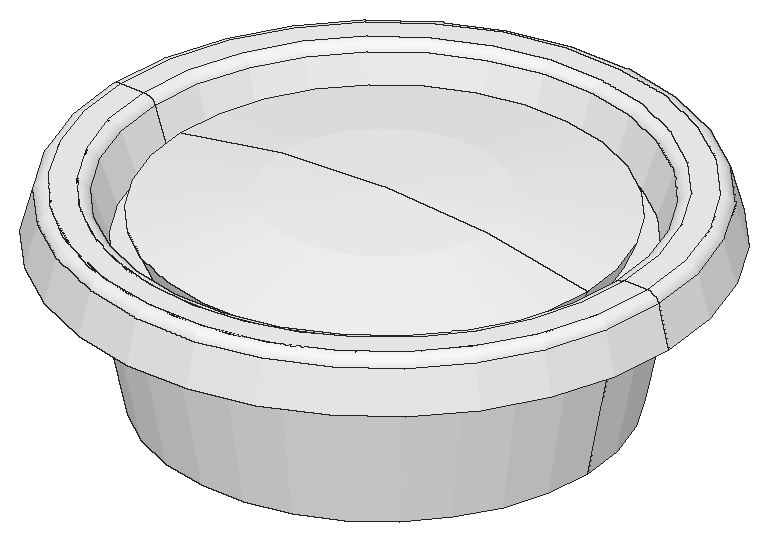
Revit family "CADS_AIRFLOWdev_Airvalve_PlasticAdjustable_Extract", category Air Terminals, host Face, Revit 2015
Parameters (values of type "200mm")
  WeeklyMaintenance = "N/A"
  WarrantyStartDate [instance] = "1900-12-31T23:59:191"
  WarrantyPeriod = "0"
  WarrantyIdentifier = "N/A"
  WarrantyGuarantorParts = "info@airflow.com"
  WarrantyGuarantorLabor = "info@airflow.com"
  WarrantyGuarantor = "Airflow Developments Ltd"
  WarrantyEndDate [instance] = "1900-12-31T23:59:191"
  WarrantyContent = "N/A"
  Uniclass2015 = "Pr_65_70_46_07"
  TemperatureRange = "up to 40°C"
  TagNumber [instance] = "N/A"
  SustainabilityPerformance = "N/A"
  Status = "New"
  Size = "80 x 245 x 245"
  ShippingWeight = 0.30 kg
  Shape = "Round"
  ServiceLifeType = "EXPECTEDSERVICELIFE"
  ServiceLifeDuration = "10"
  SerialNumber [instance] = "N/A"
  SAPApproval = yes
  RunID = "0"  # constant formula
  ReplacementCost = "29.448"
  RedDotDesignAward = no
  QuarterlyMaintenance = "N/A"
  Quantity = 1
  ProductionYear = "2017"
  ProductLiterature = "https://www.airflow.com/pdf/Accessories.pdf#page=13"
  PointOfContact = "Airflow Developments Ltd"
  PassiveHouseApproval = no
  NominalWidth = 245 mm
  NominalLength = 245 mm
  NominalHeight = 80 mm
  NBSCode = "90-75-50/370 Air terminals;"
  MonthlyMaintenance = "N/A"
  ModelReference [instance] = "9020154"
  ModelLabel [instance] = "Plastic Adjustable Air Valve Supply 200mm Dia"
  Material = "Plastic"
  ManufacturerWebsite = "www.airflow.com"
  ManufacturerTelephone = "01494 525252"
  ManufacturerE-Mail = "info@airflow.com"
  ManufacturerAddress = "Aidelle House\nLancaster Road\nCressex Business Park\nHigh Wycombe\nBucks\nHP123QP"
  Manufacturer = "Airflow Developments Ltd"
  MaintenanceRequired8001to12000hrs = "N/A"
  MaintenanceRequired601to1000hrs = "N/A"
  MaintenanceRequired4001to8000hrs = "N/A"
  MaintenanceRequired301to600hrs = "N/A"
  MaintenanceRequired2001to4000hrs = "N/A"
  MaintenanceRequired1001to2000hrs = "N/A"
  MaintenanceRequired0to300hrs = "N/A"
  IsExtendedWarranty = no
  InstallationDate [instance] = "1900-12-31T23:59:191"
  ISO90001 = yes
  ISO140001 = yes
  GrossWeight = 0.25 kg
  Grade = "Virgin"
  GlobalTradeItemNumber [instance] = "5019009314778"
  Flow [instance] = 0.0 L/s
  Fitting Type = "Ignore"
  FireControlPanelLinks = no
  Finish = "Lacquer"
  Features = "Plastic Adjustable Air Valve Supply 200mm Dia"
  ExpectedServiceLife = 10
  Exclusions = "N/A"
  DurationUnit = "Year"
  DuctDiameter = 200 mm
  Default Elevation = 1219.2 mm
  DailyMaintenance = "N/A"
  Constituents = "Plastic Adjustable Air Valve Supply 200mm Dia"
  Color = "White"
  CodePerformance = "N/A"
  CEApproval = yes
  CADS_Index = 0
  BespokeTimeFrameMaintenance = "N/A"
  B1 = 20 mm
  B = if(DuctDiameter = 100 mm, 60 mm, if(DuctDiameter = 125 mm, 65 mm, if(DuctDiameter = 150 mm, 55 mm, 80 mm)))  # 80 mm
  AssetType = "FIXED"
  AssetIdentifier [instance] = "N/A"
  AssemblyPlace = "UNKNOWN"
  ArticleNumber [instance] = "N/A"
  AnnualMaintenance = "N/A"
  AccessibilityPerformance = "N/A"
  A1 = DuctDiameter - 25 mm  # 175 mm
  A = if(DuctDiameter = 100 mm, 140 mm, if(DuctDiameter = 125 mm, 165 mm, if(DuctDiameter = 150 mm, 185 mm, 245 mm)))  # 245 mm
  6MonthlyMaintenance = "Visually inspect system, clean the fan and ducting if necessary"
Types (5, lengths in mm): name | WarrantyStartDate | WarrantyEndDate | Size | ShippingWeight | ReplacementCost | RedDotDesignAward | PassiveHouseApproval | NominalWidth | NominalLength | NominalHeight | ModelReference | ModelLabel | IsExtendedWarranty | InstallationDate | GrossWeight | GlobalTradeItemNumber | FireControlPanelLinks | Features | DuctDiameter | Constituents | B | A1 | A
  (no name) | "" | "" | "" | 0.00 kg | "" | yes | yes | 0 | 0 | 0 | "" | "" | yes | "" | 0.00 kg | "" | yes | "" | 125 | "" | 65 | 100 | 165
  100mm | "1900-12-31T23:59:188" | "1900-12-31T23:59:188" | "60 x 140 x 140" | 0.24 kg | "17.544" | no | no | 140 | 140 | 60 | "9020152" | "Plastic Adjustable Air Valve Supply 100mm Dia" | no | "1900-12-31T23:59:188" | 0.20 kg | "5019009314754" | no | "Plastic Adjustable Air Valve Supply 100mm Dia" | 100 | "Plastic Adjustable Air Valve Supply 100mm Dia" | 60 | 75 | 140
  125mm | "1900-12-31T23:59:189" | "1900-12-31T23:59:189" | "65 x 165 x 165" | 0.264 kg | "19.14" | no | no | 165 | 165 | 65 | "90000340" | "Plastic Adjustable Air Valve Supply 125mm Dia" | no | "1900-12-31T23:59:189" | 0.22 kg | "5019009312972" | no | "Plastic Adjustable Air Valve Supply 125mm Dia" | 125 | "Plastic Adjustable Air Valve Supply 125mm Dia" | 65 | 100 | 165
  150mm | "1900-12-31T23:59:190" | "1900-12-31T23:59:190" | "55 x 185 x 185" | 0.30 kg | "27.564" | no | no | 185 | 185 | 55 | "9020153" | "Plastic Adjustable Air Valve Supply 150mm Dia" | no | "1900-12-31T23:59:190" | 0.25 kg | "5019009314761" | no | "Plastic Adjustable Air Valve Supply 150mm Dia" | 150 | "Plastic Adjustable Air Valve Supply 150mm Dia" | 55 | 125 | 185
  200mm | "1900-12-31T23:59:191" | "1900-12-31T23:59:191" | "80 x 245 x 245" | 0.30 kg | "29.448" | no | no | 245 | 245 | 80 | "9020154" | "Plastic Adjustable Air Valve Supply 200mm Dia" | no | "1900-12-31T23:59:191" | 0.25 kg | "5019009314778" | no | "Plastic Adjustable Air Valve Supply 200mm Dia" | 200 | "Plastic Adjustable Air Valve Supply 200mm Dia" | 80 | 175 | 245
Values of the unnamed type that differ from the named types
  WeeklyMaintenance = ""
  WarrantyPeriod = ""
  WarrantyIdentifier = ""
  WarrantyGuarantorParts = ""
  WarrantyGuarantorLabor = ""
  WarrantyGuarantor = ""
  WarrantyContent = ""
  Uniclass2015 = ""
  TemperatureRange = ""
  TagNumber = ""
  SustainabilityPerformance = ""
  Status = ""
  Shape = ""
  ServiceLifeType = ""
  ServiceLifeDuration = ""
  SerialNumber = ""
  QuarterlyMaintenance = ""
  Quantity = 0
  ProductionYear = ""
  ProductLiterature = ""
  PointOfContact = ""
  NBSCode = ""
  MonthlyMaintenance = ""
  Material = ""
  ManufacturerWebsite = ""
  ManufacturerTelephone = ""
  ManufacturerE-Mail = ""
  ManufacturerAddress = ""
  MaintenanceRequired8001to12000hrs = ""
  MaintenanceRequired601to1000hrs = ""
  MaintenanceRequired4001to8000hrs = ""
  MaintenanceRequired301to600hrs = ""
  MaintenanceRequired2001to4000hrs = ""
  MaintenanceRequired1001to2000hrs = ""
  MaintenanceRequired0to300hrs = ""
  Grade = ""
  Fitting Type = ""
  Finish = ""
  ExpectedServiceLife = 0
  Exclusions = ""
  DurationUnit = ""
  DailyMaintenance = ""
  Color = ""
  CodePerformance = ""
  BespokeTimeFrameMaintenance = ""
  AssetType = ""
  AssetIdentifier = ""
  AssemblyPlace = ""
  ArticleNumber = ""
  AnnualMaintenance = ""
  AccessibilityPerformance = ""
  6MonthlyMaintenance = ""
Reference planes
  plane 1 "Center (Front/Back)": y = 0
  plane 2: z = 0
  plane 3 "Center (Left/Right)": x = 0
  plane 4: x = -122.5
  plane 5: x = 122.5
  plane 6: z = 20
  plane 7: x = -87.5
  plane 8: x = 87.5
  plane 9: z = -60
  plane 10: x = -100
  plane 11: x = 100
Forms (mm)
  Extrusion 1, void
    sketch origin (0, 0, 0) x (1, 0, 0) y (0, 1, 0)
      loop
        circle (0, 0) r 100
    from 0 to -100
  Revolve 2, solid, material "CADS_AirFlow_White"
    sketch origin (0, 0, 0) x (1, 0, 0) y (0, 0, 1)
      loop
        line (-122.5, 0) -> (-100, 0) -> (-87.5, -60) -> (0, -60) -> (0, 20)
        arc (0, 20) -> (-44.021, 17.555) -> (-87.5, 10.25) r 397.518
        line (-87.5, 10.25) -> (-82.856, 0) -> (-92.856, 0) -> (-98.815, 16.682)
        arc (-98.815, 16.682) -> (-100.643, 19.087) -> (-103.523, 20) r 5
        line (-103.523, 20) -> (-113.304, 20)
        arc (-113.304, 20) -> (-116.348, 18.967) -> (-118.134, 16.294) r 5
        line (-118.134, 16.294) -> (-122.5, 0)
      axis (0, 20) -> (0, -60)
    angle from 0 to 360
Dimensions and locks
  equal spacing: plane 8, plane 3 "Center (Left/Right)", plane 7
  equal spacing: plane 5, plane 3 "Center (Left/Right)", plane 4
  "A": plane 5 to plane 4
  "A1": plane 8 to plane 7
  "B1": plane 6 to plane 2
  "B": plane 6 to plane 9
  equal spacing: plane 11, plane 3 "Center (Left/Right)", plane 10
  "DuctDiameter": plane 11 to plane 10
  "DuctDiameter": diameter of Extrusion 1 sketch curve
  aligned and locked: plane 2 to host face
  aligned and locked: level to host face
  aligned and locked: Revolve 2 sketch curve to plane 6
  aligned and locked: Revolve 2 sketch curve to plane 3 "Center (Left/Right)"
Automatic sketch dimensions
  host sketch curve to host sketch curve = 2438.4 mm  (x2)
  Revolve 2 sketch curve to level = 0 mm  (x2)
  Revolve 2 sketch curve to plane 4 = 0 mm
  Revolve 2 sketch curve to plane 10 = 0 mm
  Revolve 2 sketch curve to plane 7 = 0 mm  (x2)
  Revolve 2 sketch curve to plane 3 "Center (Left/Right)" = 0 mm
  Revolve 2 sketch curve to plane 9 = 0 mm
  Revolve 2 sketch curve to plane 6 = 0 mm
  plane 4 to Revolve 2 sketch curve = 4.366 mm
  Revolve 2 sketch curve to Revolve 2 sketch curve = 4.83 mm
  Revolve 2 sketch curve to plane 10 = 3.523 mm
  plane 10 to Revolve 2 sketch curve = 1.185 mm
  Revolve 2 sketch curve to plane 7 = 5.356 mm
  plane 7 to Revolve 2 sketch curve = 4.644 mm
  Revolve 2 sketch curve to plane 9 = 317.518 mm
  Revolve 2 sketch curve to Revolve 2 sketch curve = 5 mm  (x2)
  Revolve 2 sketch curve to Revolve 2 sketch curve = 247.082 mm
  Revolve 2 sketch curve to Revolve 2 sketch curve = 2589.058 mm
  plane 1 "Center (Front/Back)" to Extrusion 1 sketch curve = 0 mm
  Extrusion 1 sketch curve to plane 3 "Center (Left/Right)" = 0 mm
Connectors
  hvac at (0, 0, 0), driven by "DuctDiameter", driven by "Flow"
    settings: on Revolve 2, index 1, duct flow 0.0 L/s, flow factor 0, pres drop 0.0 Pa, loss coef 0, conn angle 0.00°, conn width 304.8 mm, conn height 304.8 mm, conn diameter 200 mm, duct sys type 2, conn prof type 0, flow config 1, flow direction 2, loss method 0, conn ref index -1, conn util no, is conn primary yes, conn desc ""
